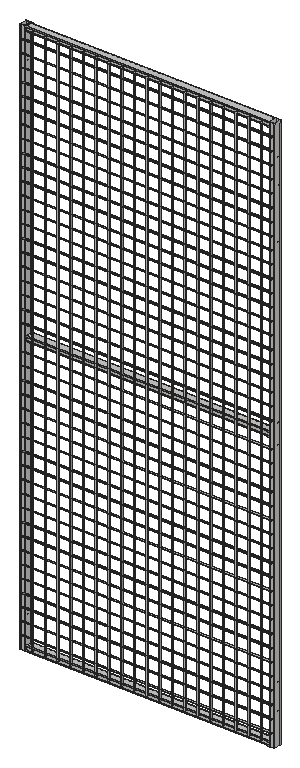
Revit family "Walls_Other_Troax_Separator_UX-550", category Furniture, Revit 2017
Family settings
  OmniClass Number = 23.25.40.00
  OmniClass Title = Space Division Products
  Work Plane-Based = No
  Always vertical = Yes
  Cut with Voids When Loaded = No
  Shared = No
  Room Calculation Point = No
Parameters (values of type "Mesh panel UX550 1000mm")
  WarrantyStartDate [instance] = "n/a"
  WarrantyGuarantorParts = "n/a"
  WarrantyGuarantorLabor = "n/a"
  WarrantyDurationUnit = "Year"
  WarrantyDurationParts = "n/a"
  WarrantyDurationLabor = "n/a"
  WarrantyDescription = "n/a"
  WallType = ux550 1000 : ux550 1000
  WallPanelMainMaterial = Steel, Carbon
  VersionDate = "01/07/2020"  # constant formula
  Version = "1"  # constant formula
  Uniclass2015Reference = "Pr_25_71_57_60"
  Uniclass2015Description = "Partition panels"
  Uniclass2 = "Pr_25_71_57_60"
  URL = "https://www.troax.com/en/elemente/panel-ux550"
  Type Comments = ""
  TagNumber [instance] = "n/a"
  SustainabilityPerformance = "n/a"
  Size = "34x2200x1000 mm"
  Shape = "Sculptured"
  SerialNumber [instance] = "n/a"
  Revision = "2"  # constant formula
  ReplacementCost = "n/a"
  ProductInformation = "UX 550 is the most heavy-duty of our panel systems. Special profiles are used for installation to prevent even the slightest chance of prying the wall sections apart. The system is tested and approved in-line with pre-standard EN1627-30. Troax UX 550 is primarily used as a front wall where extra security is needed. UX 550 is compatible with UR 350 and UX 450 for inner walls. Troax modular mesh panel system makes it possible to create separate storage areas in virtually any common space. The 50x50 mesh aperture also makes it virtually impossible for a hand to reach through the panel."
  ProductDatasheet = "https://www.troax.com/sites/all/files/files/troax_-_ux_550_pp_-_2013-07-03_0.pdf"
  NominalWidth = 1000 mm
  NominalHeight = 2200 mm
  NominalDepth = 34 mm
  Name = "Troax_Separator_UX-550_1000"
  NBSReference = "45-35-80/420"
  NBSDescription = "Panel partitions"
  ModelReference = "n/a"
  ModelNumber = "n/a"
  Material = "Carbon steel"
  ManufacturerURL = "https://www.troax.com/gb"
  ManufacturerName = "Troax"
  Model = "Mesh panel UX550 1000mm"
  Manufacturer = "Troax"
  MainColor = "Grey"
  InstallationDate [instance] = "n/a"
  IfcExportType = "FENCE"  # constant formula
  IfcExportAs = "IfcSystemFurnitureElementTypePanel"  # constant formula
  HasOpening = yes
  Grade = "n/a"
  FurniturePanelType = "Other"  # constant formula
  Finish = "Powder coated as standard with a grey RAL 7037 finish; however other RAL colors are available upon request, panels can also be supplied hot dip galvanized for external use or in cold storage areas."
  Features = "Mesh panels can be modified on-site to fit any space, providing security where required."
  ExpectedLife = "n/a"
  DurationUnit = "Year"
  Description = "UX 550 is the most heavy-duty of our panel systems. Special profiles are used for installation to prevent even the slightest chance of prying the wall sections  apart. The system is tested and approved in-line with  pre-standard EN1627-30. Troax UX 550 is primarily  used as a front wall where extra security is needed. UX  550 is compatible with UR 350 and UX 450 for inner  walls. Troax modular mesh panel system makes it  possible to create separate storage areas in virtually  any common space. The 50x50 mesh aperture also  makes it virtually impossible for a hand to reach through the panel"
  Cost = 0
  ConvergoRefNr = "0054-1811-0029-SE"
  Constituents = "Cut profile: various length to use after cut height on site; End profile UR/UX L=2200 to use after cut panel length on site; U-profile UX 30x20x2200 various length to use after cut on site"
  Color = "Grey"
  CodePerformance = "n/a"
  Barcode [instance] = "n/a"
  AssetIdentifier [instance] = "n/a"
  Category = "Mesh partitions"
  Brand = "Troax"
  BIMObjectName = "Walls_Other_Troax_Separator_UX-550"  # constant formula
  Author = "Convergo AB"  # constant formula
  AssetType = "Fixed"
  AccessibilityPerformance = "n/a"
Types (9, lengths in mm): name | WallType | Size | ProductInformation | ProductDatasheet | NominalWidth | Name | Model | ConvergoRefNr
  (no name) | ux550 1000 : ux550 1000 | "34x2200x1000 mm" | "UX 550 is the most heavy-duty of our panel systems. Special profiles are used for installation to prevent even the slightest chance of prying the wall sections apart. The system is tested and approved in-line with pre-standard EN1627-30. Troax UX 550 is primarily used as a front wall where extra security is needed. UX 550 is compatible with UR 350 and UX 450 for inner walls. Troax modular mesh panel system makes it possible to create separate storage areas in virtually any common space. The 50x50 mesh aperture also makes it virtually impossible for a hand to reach through the panel." | "https://www.troax.com/sites/all/files/files/troax_-_ux_550_pp_-_2013-07-03_0.pdf" | 1000 | "Troax_Separator_UX-550_1000" | "Mesh panel UX550 1000mm" | "0054-1811-0029-SE"
  Mesh panel UX550 200mm | ux550 200 : ux550 200 | "34x2200x200 mm" | "UX 550 is the most heavy-duty of our panel systems. Special profiles are used for installation to prevent even the slightest chance of prying the wall sections  apart. The system is tested and approved in-line with  pre-standard EN1627-30. Troax UX 550 is primarily  used as a front wall where extra security is needed. UX  550 is compatible with UR 350 and UX 450 for inner  walls. Troax modular mesh panel system makes it  possible to create separate storage areas in virtually  any common space. The 50x50 mesh aperture also  makes it virtually impossible for a hand to reach through the panel." | "https://www.troax.com/sites/all/files/files/troax_-_ux_550_pp_-_2013-07-03_0.pdf" | 200 | "Troax_Separator_UX-550_200" | "Mesh panel UX550 200mm" | "0054-1811-0024-SE"
  Mesh panel UX550 300mm | ux550 300 : ux550 300 | "34x2200x300 mm" | "UX 550 is the most heavy-duty of our panel systems. Special profiles are used for installation to prevent even the slightest chance of prying the wall sections apart. The system is tested and approved in-line with pre-standard EN1627-30. Troax UX 550 is primarily used as a front wall where extra security is needed. UX 550 is compatible with UR 350 and UX 450 for inner walls. Troax modular mesh panel system makes it possible to create separate storage areas in virtually any common space. The 50x50 mesh aperture also makes it virtually impossible for a hand to reach through the panel." | "https://www.troax.com/sites/all/files/files/troax_-_ux_550_pp_-_2013-07-03_0.pdfhttps://www.troax.com/sites/all/files/files/troax_-_ux_550_pp_-_2013-07-03_0.pdf" | 300 | "Troax_Separator_UX-550_300" | "Mesh panel UX550 300mm" | "0054-1811-0025-SE"
  Mesh panel UX550 700mm | ux550 700 : ux550 700 | "34x2200x700 mm" | "UX 550 is the most heavy-duty of our panel systems. Special profiles are used for installation to prevent even the slightest chance of prying the wall sections apart. The system is tested and approved in-line with pre-standard EN1627-30. Troax UX 550 is primarily used as a front wall where extra security is needed. UX 550 is compatible with UR 350 and UX 450 for inner walls. Troax modular mesh panel system makes it possible to create separate storage areas in virtually any common space. The 50x50 mesh aperture also makes it virtually impossible for a hand to reach through the panel." | "https://www.troax.com/sites/all/files/files/troax_-_ux_550_pp_-_2013-07-03_0.pdf" | 700 | "Troax_Separator_UX-550_700" | "Mesh panel UX550 700mm" | "0054-1811-0027-SE"
  Mesh panel UX550 500mm | ux550 500 : ux550 500 | "35x2200x500 mm" | "UX 550 is the most heavy-duty of our panel systems. Special profiles are used for installation to prevent even the slightest chance of prying the wall sections apart. The system is tested and approved in-line with pre-standard EN1627-30. Troax UX 550 is primarily used as a front wall where extra security is needed. UX 550 is compatible with UR 350 and UX 450 for inner walls. Troax modular mesh panel system makes it possible to create separate storage areas in virtually any common space. The 50x50 mesh aperture also makes it virtually impossible for a hand to reach through the panel." | "https://www.troax.com/sites/all/files/files/troax_-_ux_550_pp_-_2013-07-03_0.pdf" | 500 | "Troax_Separator_UX-550_500" | "Mesh panel UX550 500mm" | "0054-1811-0026-SE"
  Mesh panel UX550 1000mm | ux550 1000 : ux550 1000 | "34x2200x1000 mm" | "UX 550 is the most heavy-duty of our panel systems. Special profiles are used for installation to prevent even the slightest chance of prying the wall sections apart. The system is tested and approved in-line with pre-standard EN1627-30. Troax UX 550 is primarily used as a front wall where extra security is needed. UX 550 is compatible with UR 350 and UX 450 for inner walls. Troax modular mesh panel system makes it possible to create separate storage areas in virtually any common space. The 50x50 mesh aperture also makes it virtually impossible for a hand to reach through the panel." | "https://www.troax.com/sites/all/files/files/troax_-_ux_550_pp_-_2013-07-03_0.pdf" | 1000 | "Troax_Separator_UX-550_1000" | "Mesh panel UX550 1000mm" | "0054-1811-0029-SE"
  Mesh panel UX550 1200mm | ux550 1200 : ux550 1200 | "34x2200x1200 mm" | "UX 550 is the most heavy-duty of our panel systems. Special profiles are used for installation to prevent even the slightest chance of prying the wall sections apart. The system is tested and approved in-line with pre-standard EN1627-30. Troax UX 550 is primarily used as a front wall where extra security is needed. UX 550 is compatible with UR 350 and UX 450 for inner walls. Troax modular mesh panel system makes it possible to create separate storage areas in virtually any common space. The 50x50 mesh aperture also makes it virtually impossible for a hand to reach through the panel." | "https://www.troax.com/sites/all/files/files/troax_-_ux_550_pp_-_2013-07-03_0.pdf" | 1200 | "Troax_Separator_UX-550_1200" | "Mesh panel UX550 1200mm" | "0054-1811-0030-SE"
  Mesh panel UX550 1500mm | ux550 1500 : ux550 1500 | "34x2200x1500 mm" | "UX 550 is the most heavy-duty of our panel systems. Special profiles are used for installation to prevent even the slightest chance of prying the wall sections apart. The system is tested and approved in-line with pre-standard EN1627-30. Troax UX 550 is primarily used as a front wall where extra security is needed. UX 550 is compatible with UR 350 and UX 450 for inner walls. Troax modular mesh panel system makes it possible to create separate storage areas in virtually any common space. The 50x50 mesh aperture also makes it virtually impossible for a hand to reach through the panel." | "https://www.troax.com/sites/all/files/files/troax_-_ux_550_pp_-_2013-07-03_0.pdfhttps://www.troax.com/sites/all/files/files/troax_-_ux_550_pp_-_2013-07-03_0.pdf" | 1500 | "Troax_Separator_UX-550_1500" | "Mesh panel UX550 1500mm" | "0054-1811-0031-SE"
  Mesh panel UX550 800mm | ux550 800 : ux550 800 | "34x2200x800 mm" | "UX 550 is the most heavy-duty of our panel systems. Special profiles are used for installation to prevent even the slightest chance of prying the wall sections apart. The system is tested and approved in-line with pre-standard EN1627-30. Troax UX 550 is primarily used as a front wall where extra security is needed. UX 550 is compatible with UR 350 and UX 450 for inner walls. Troax modular mesh panel system makes it possible to create separate storage areas in virtually any common space. The 50x50 mesh aperture also makes it virtually impossible for a hand to reach through the panel." | "https://www.troax.com/sites/all/files/files/troax_-_ux_550_pp_-_2013-07-03_0.pdfhttps://www.troax.com/sites/all/files/files/troax_-_ux_550_pp_-_2013-07-03_0.pdf" | 800 | "Troax_Separator_UX-550_800" | "Mesh panel UX550 800mm" | "0054-1811-0028-SE"
Reference planes
  plane 1 "Center (Front/Back)": y = 0
  plane 2: z = 0
  plane 3 "Center (Left/Right)": x = 0
  plane 4: x = -500
  plane 5: x = 500
  plane 6: z = 2200
  plane 7: y = 17
  plane 8: y = -17
Dimensions and locks
  equal spacing: plane 4, plane 3 "Center (Left/Right)", plane 5
  "NominalWidth": plane 4 to plane 5
  "NominalHeight": plane 6 to level
  equal spacing: plane 7, plane 1 "Center (Front/Back)", plane 8
  "NominalDepth": plane 7 to plane 8
  aligned and locked: level to plane 2
Nested families
  nested 1: "ux550 1000" at (0, 0, 0), type <- "WallType", MeshMaterial <- "WallPanelMainMaterial", type "ux550 1000"
    with MeshMaterial Steel, Carbon
Definition of nested family "ux550 1000"
  Parameters (values of type "ux550 1000")
    MeshMaterial [instance] = none
  Reference planes
    plane 1 "Center (Front/Back)": y = 0
    plane 2: z = 0
    plane 3 "Center (Left/Right)": x = 0
    plane 4: x = 500
    plane 5: x = -500
    plane 6: y = 17
    plane 7: y = -17
    plane 8: z = 2200
  Forms (mm)
    Extrusion 1, solid, material <- "MeshMaterial", detail levels medium+fine
      sketch origin (0, 6.95, 0) x (1, 0, 0) y (0, 1, 0)
        loop
          circle (-50, -21.45) r 2.5
        loop
          circle (0, -21.45) r 2.5
        loop
          circle (50, -21.45) r 2.5
        loop
          circle (-100, -21.45) r 2.5
        loop
          circle (100, -21.45) r 2.5
        loop
          circle (-150, -21.45) r 2.5
        loop
          circle (-200, -21.45) r 2.5
        loop
          circle (150, -21.45) r 2.5
        loop
          circle (200, -21.45) r 2.5
        loop
          circle (-250, -21.45) r 2.5
        loop
          circle (-300, -21.45) r 2.5
        loop
          circle (250, -21.45) r 2.5
        loop
          circle (300, -21.45) r 2.5
        loop
          circle (-350, -21.45) r 2.5
        loop
          circle (350, -21.45) r 2.5
        loop
          circle (-400, -21.45) r 2.5
        loop
          circle (-450, -21.45) r 2.5
        loop
          circle (400, -21.45) r 2.5
        loop
          circle (450, -21.45) r 2.5
      from 10 to 2190
    Extrusion 2, solid, material <- "MeshMaterial", detail levels medium+fine
      sketch origin (0, 7, 0) x (0, 1, 0) y (0, 0, 1)
        loop
          arc (-21, 2150) -> (-16.919, 2148.064) -> (-18, 2152.449) r 2.5
          arc (-18, 2152.449) -> (-20.081, 2151.936) -> (-21, 2150) r 2.5
        loop
          arc (-21, 2100) -> (-16.919, 2098.063) -> (-18, 2102.449) r 2.5
          arc (-18, 2102.449) -> (-20.081, 2101.936) -> (-21, 2100) r 2.5
        loop
          arc (-21, 2050) -> (-16.919, 2048.063) -> (-18, 2052.449) r 2.5
          arc (-18, 2052.449) -> (-20.081, 2051.936) -> (-21, 2050) r 2.5
        loop
          arc (-21, 2000) -> (-16.919, 1998.063) -> (-18, 2002.449) r 2.5
          arc (-18, 2002.449) -> (-20.081, 2001.936) -> (-21, 2000) r 2.5
        loop
          arc (-21, 1950) -> (-16.919, 1948.063) -> (-18, 1952.449) r 2.5
          arc (-18, 1952.449) -> (-20.081, 1951.936) -> (-21, 1950) r 2.5
        loop
          arc (-21, 1900) -> (-16.919, 1898.063) -> (-18, 1902.449) r 2.5
          arc (-18, 1902.449) -> (-20.081, 1901.936) -> (-21, 1900) r 2.5
        loop
          arc (-21, 1850) -> (-16.919, 1848.063) -> (-18, 1852.449) r 2.5
          arc (-18, 1852.449) -> (-20.081, 1851.936) -> (-21, 1850) r 2.5
        loop
          arc (-21, 1800) -> (-16.919, 1798.063) -> (-18, 1802.449) r 2.5
          arc (-18, 1802.449) -> (-20.081, 1801.936) -> (-21, 1800) r 2.5
        loop
          arc (-21, 1750) -> (-16.919, 1748.063) -> (-18, 1752.449) r 2.5
          arc (-18, 1752.449) -> (-20.081, 1751.936) -> (-21, 1750) r 2.5
        loop
          arc (-21, 1700) -> (-16.919, 1698.063) -> (-18, 1702.449) r 2.5
          arc (-18, 1702.449) -> (-20.081, 1701.936) -> (-21, 1700) r 2.5
        loop
          arc (-21, 1650) -> (-16.919, 1648.063) -> (-18, 1652.449) r 2.5
          arc (-18, 1652.449) -> (-20.081, 1651.936) -> (-21, 1650) r 2.5
        loop
          arc (-21, 1600) -> (-16.919, 1598.063) -> (-18, 1602.449) r 2.5
          arc (-18, 1602.449) -> (-20.081, 1601.936) -> (-21, 1600) r 2.5
        loop
          arc (-21, 1550) -> (-16.919, 1548.063) -> (-18, 1552.449) r 2.5
          arc (-18, 1552.449) -> (-20.081, 1551.936) -> (-21, 1550) r 2.5
        loop
          arc (-21, 1500) -> (-16.919, 1498.063) -> (-18, 1502.449) r 2.5
          arc (-18, 1502.449) -> (-20.081, 1501.936) -> (-21, 1500) r 2.5
        loop
          arc (-21, 1450) -> (-16.919, 1448.063) -> (-18, 1452.449) r 2.5
          arc (-18, 1452.449) -> (-20.081, 1451.936) -> (-21, 1450) r 2.5
        loop
          arc (-21, 1400) -> (-16.919, 1398.063) -> (-18, 1402.449) r 2.5
          arc (-18, 1402.449) -> (-20.081, 1401.936) -> (-21, 1400) r 2.5
        loop
          arc (-21, 1350) -> (-16.919, 1348.063) -> (-18, 1352.449) r 2.5
          arc (-18, 1352.449) -> (-20.081, 1351.936) -> (-21, 1350) r 2.5
        loop
          arc (-21, 1300) -> (-16.919, 1298.063) -> (-18, 1302.449) r 2.5
          arc (-18, 1302.449) -> (-20.081, 1301.936) -> (-21, 1300) r 2.5
        loop
          arc (-21, 1250) -> (-16.919, 1248.063) -> (-18, 1252.449) r 2.5
          arc (-18, 1252.449) -> (-20.081, 1251.936) -> (-21, 1250) r 2.5
        loop
          arc (-21, 1200) -> (-16.919, 1198.063) -> (-18, 1202.449) r 2.5
          arc (-18, 1202.449) -> (-20.081, 1201.936) -> (-21, 1200) r 2.5
        loop
          arc (-21, 1150) -> (-16.919, 1148.063) -> (-18, 1152.449) r 2.5
          arc (-18, 1152.449) -> (-20.081, 1151.936) -> (-21, 1150) r 2.5
        loop
          arc (-21, 1050) -> (-16.919, 1048.063) -> (-18, 1052.449) r 2.5
          arc (-18, 1052.449) -> (-20.081, 1051.936) -> (-21, 1050) r 2.5
        loop
          arc (-21, 1000) -> (-16.919, 998.063) -> (-18, 1002.449) r 2.5
          arc (-18, 1002.449) -> (-20.081, 1001.936) -> (-21, 1000) r 2.5
        loop
          arc (-21, 950) -> (-16.919, 948.063) -> (-18, 952.449) r 2.5
          arc (-18, 952.449) -> (-20.081, 951.936) -> (-21, 950) r 2.5
        loop
          arc (-21, 900) -> (-16.919, 898.063) -> (-18, 902.449) r 2.5
          arc (-18, 902.449) -> (-20.081, 901.936) -> (-21, 900) r 2.5
        loop
          arc (-21, 850) -> (-16.919, 848.063) -> (-18, 852.449) r 2.5
          arc (-18, 852.449) -> (-20.081, 851.936) -> (-21, 850) r 2.5
        loop
          arc (-21, 800) -> (-16.919, 798.063) -> (-18, 802.449) r 2.5
          arc (-18, 802.449) -> (-20.081, 801.936) -> (-21, 800) r 2.5
        loop
          arc (-21, 750) -> (-16.919, 748.063) -> (-18, 752.449) r 2.5
          arc (-18, 752.449) -> (-20.081, 751.936) -> (-21, 750) r 2.5
        loop
          arc (-21, 700) -> (-16.919, 698.063) -> (-18, 702.449) r 2.5
          arc (-18, 702.449) -> (-20.081, 701.936) -> (-21, 700) r 2.5
        loop
          arc (-21, 650) -> (-16.919, 648.063) -> (-18, 652.449) r 2.5
          arc (-18, 652.449) -> (-20.081, 651.936) -> (-21, 650) r 2.5
        loop
          arc (-21, 600) -> (-16.919, 598.063) -> (-18, 602.449) r 2.5
          arc (-18, 602.449) -> (-20.081, 601.936) -> (-21, 600) r 2.5
        loop
          arc (-21, 550) -> (-16.919, 548.063) -> (-18, 552.449) r 2.5
          arc (-18, 552.449) -> (-20.081, 551.936) -> (-21, 550) r 2.5
        loop
          arc (-21, 500) -> (-16.919, 498.063) -> (-18, 502.449) r 2.5
          arc (-18, 502.449) -> (-20.081, 501.936) -> (-21, 500) r 2.5
        loop
          arc (-21, 450) -> (-16.919, 448.063) -> (-18, 452.449) r 2.5
          arc (-18, 452.449) -> (-20.081, 451.936) -> (-21, 450) r 2.5
        loop
          arc (-21, 400) -> (-16.919, 398.063) -> (-18, 402.449) r 2.5
          arc (-18, 402.449) -> (-20.081, 401.936) -> (-21, 400) r 2.5
        loop
          arc (-21, 350) -> (-16.919, 348.063) -> (-18, 352.449) r 2.5
          arc (-18, 352.449) -> (-20.081, 351.936) -> (-21, 350) r 2.5
        loop
          arc (-21, 300) -> (-16.919, 298.063) -> (-18, 302.449) r 2.5
          arc (-18, 302.449) -> (-20.081, 301.936) -> (-21, 300) r 2.5
        loop
          arc (-21, 250) -> (-16.919, 248.063) -> (-18, 252.449) r 2.5
          arc (-18, 252.449) -> (-20.081, 251.936) -> (-21, 250) r 2.5
        loop
          arc (-21, 200) -> (-16.919, 198.063) -> (-18, 202.449) r 2.5
          arc (-18, 202.449) -> (-20.081, 201.936) -> (-21, 200) r 2.5
        loop
          arc (-21, 150) -> (-16.919, 148.063) -> (-18, 152.449) r 2.5
          arc (-18, 152.449) -> (-20.081, 151.936) -> (-21, 150) r 2.5
        loop
          arc (-21, 100) -> (-16.919, 98.063) -> (-18, 102.449) r 2.5
          arc (-18, 102.449) -> (-20.081, 101.936) -> (-21, 100) r 2.5
        loop
          arc (-21, 50) -> (-16.919, 48.063) -> (-18, 52.449) r 2.5
          arc (-18, 52.449) -> (-20.081, 51.936) -> (-21, 50) r 2.5
      from -490 to 490
    Extrusion 3, solid, material <- "MeshMaterial", detail levels medium+fine
      sketch origin (-400, 6.25, 0) x (1, 0, 0) y (0, 1, 0)
        loop
          line (-100, 9.25) -> (-100, -17.75)
          arc (-100, -17.75) -> (-99.561, -18.811) -> (-98.5, -19.25) r 1.5
          line (-98.5, -19.25) -> (-81.5, -19.25)
          arc (-81.5, -19.25) -> (-80.439, -18.811) -> (-80, -17.75) r 1.5
          line (-80, -17.75) -> (-80, 9.25)
          arc (-80, 9.25) -> (-80.439, 10.311) -> (-81.5, 10.75) r 1.5
          line (-81.5, 10.75) -> (-98.5, 10.75)
          arc (-98.5, 10.75) -> (-99.561, 10.311) -> (-100, 9.25) r 1.5
        loop
          line (-81.5, 9.25) -> (-98.5, 9.25) -> (-98.5, -17.75) -> (-81.5, -17.75) -> (-81.5, 9.25)
      from 0 to 2200
    Extrusion 4, solid, material <- "MeshMaterial", detail levels medium+fine
      sketch origin (0, 6.25, 0) x (0, 1, 0) y (0, 0, 1)
        loop
          line (9.45, 2200) -> (-18.037, 2200)
          arc (-18.037, 2200) -> (-19.25, 2198.25) -> (-18.037, 2196.5) r 1.869
          line (-18.037, 2196.5) -> (-18.037, 2184.5)
          arc (-18.037, 2184.5) -> (-19.238, 2182.75) -> (-18.037, 2181) r 1.875
          line (-18.037, 2181) -> (9.45, 2181)
          arc (9.45, 2181) -> (10.369, 2181.381) -> (10.75, 2182.3) r 1.3
          line (10.75, 2182.3) -> (10.75, 2198.7)
          arc (10.75, 2198.7) -> (10.369, 2199.619) -> (9.45, 2200) r 1.3
        loop
          line (8.75, 2183) -> (8.75, 2198) -> (-16.037, 2198) -> (-16.037, 2183) -> (8.75, 2183)
      from -480 to 480
    Extrusion 5, solid, material <- "MeshMaterial", detail levels medium+fine
      sketch origin (0, 6.25, -2181) x (0, 1, 0) y (0, 0, 1)
        loop
          line (9.45, 2200) -> (-18.05, 2200)
          arc (-18.05, 2200) -> (-19.263, 2198.25) -> (-18.05, 2196.5) r 1.869
          line (-18.05, 2196.5) -> (-18.05, 2184.5)
          arc (-18.05, 2184.5) -> (-19.251, 2182.75) -> (-18.05, 2181) r 1.875
          line (-18.05, 2181) -> (9.45, 2181)
          arc (9.45, 2181) -> (10.369, 2181.381) -> (10.75, 2182.3) r 1.3
          line (10.75, 2182.3) -> (10.75, 2198.7)
          arc (10.75, 2198.7) -> (10.369, 2199.619) -> (9.45, 2200) r 1.3
        loop
          line (8.75, 2183) -> (8.75, 2198) -> (-16.05, 2198) -> (-16.05, 2183) -> (8.75, 2183)
      from -480 to 480
    Extrusion 6, void
      sketch origin (0, 6.25, 0) x (0, 1, 0) y (0, 0, 1)
        loop
          circle (-4.25, 2075) r 5
        loop
          circle (-4.25, 1975) r 5
        loop
          circle (-4.25, 1140) r 5
        loop
          circle (-4.25, 1060) r 5
        loop
          circle (-4.25, 225) r 5
        loop
          circle (-4.25, 125) r 5
        loop
          circle (-4.25, 1775) r 5
      from -2443.968 to 2106.031
    Extrusion 7, solid, material <- "MeshMaterial", detail levels coarse
      sketch origin (0, 0, 0) x (1, 0, 0) y (0, 1, 0)
        loop
          line (-500, -17) -> (500, -17) -> (500, 17) -> (-500, 17) -> (-500, -17)
      from 0 to 2200
    Extrusion 8, solid, material <- "MeshMaterial", detail levels medium+fine
      sketch origin (0, 6.25, -1090.5) x (0, 1, 0) y (0, 0, 1)
        loop
          line (9.45, 2200) -> (-18.05, 2200)
          arc (-18.05, 2200) -> (-19.263, 2198.25) -> (-18.05, 2196.5) r 1.869
          line (-18.05, 2196.5) -> (-18.05, 2184.5)
          arc (-18.05, 2184.5) -> (-19.251, 2182.75) -> (-18.05, 2181) r 1.875
          line (-18.05, 2181) -> (9.45, 2181)
          arc (9.45, 2181) -> (10.369, 2181.381) -> (10.75, 2182.3) r 1.3
          line (10.75, 2182.3) -> (10.75, 2198.7)
          arc (10.75, 2198.7) -> (10.369, 2199.619) -> (9.45, 2200) r 1.3
        loop
          line (8.75, 2183) -> (8.75, 2198) -> (-16.05, 2198) -> (-16.05, 2183) -> (8.75, 2183)
      from -480 to 480
    Extrusion 9, solid, material <- "MeshMaterial", detail levels medium+fine
      sketch origin (400, 6.25, 0) x (-1, 0, 0) y (0, -1, 0)
        loop
          arc (-100, -9.25) -> (-99.561, -10.311) -> (-98.5, -10.75) r 1.5
          line (-98.5, -10.75) -> (-81.5, -10.75)
          arc (-81.5, -10.75) -> (-80.439, -10.311) -> (-80, -9.25) r 1.5
          line (-80, -9.25) -> (-80, 17.75)
          arc (-80, 17.75) -> (-80.439, 18.811) -> (-81.5, 19.25) r 1.5
          line (-81.5, 19.25) -> (-98.5, 19.25)
          arc (-98.5, 19.25) -> (-99.561, 18.811) -> (-100, 17.75) r 1.5
          line (-100, 17.75) -> (-100, -9.25)
        loop
          line (-81.5, -9.25) -> (-81.5, 17.75) -> (-98.5, 17.75) -> (-98.5, -9.25) -> (-81.5, -9.25)
      from 0 to 2200
  Cuts and joins
    Extrusion 6 cuts Extrusion 3
    Extrusion 6 cuts Extrusion 9
  Lines and regions (mm)
    symbolic lines, detail levels medium+fine
      curve 1: line (0, 17, 2200) -> (0, 17, 0)
      curve 2: line (0, 17, 0) -> (0, -12.999, 0)
      curve 3: line (0, -12.999, 0) -> (0, -12.999, 10)
      curve 4: line (0, -12.999, 10) -> (0, -17, 10)
      curve 5: line (0, -17, 10) -> (0, -17, 2190)
      curve 6: line (0, -17, 2190) -> (0, -12.999, 2190)
      curve 7: line (0, -12.999, 2190) -> (0, -12.999, 2200)
      curve 8: line (0, -12.999, 2200) -> (0, 17, 2200)
      curve 137: line (-480, 17, 0) -> (480, 17, 0)
      curve 152: line (-500, 0, 2200) -> (500, 0, 2200)
      curve 153: line (-500, 0, 0) -> (-500, 0, 2200)
      curve 154: line (500, 0, 0) -> (-500, 0, 0)
      curve 155: line (500, 0, 2200) -> (500, 0, 0)
    symbolic lines, detail levels fine
      curve 9: line (0, -12.999, 2190) -> (0, -12.999, 10)
      curve 10: arc (0, 7, 2075) -> (0, 2, 2080) -> (0, -3, 2075) r 5
      curve 11: arc (0, -3, 2075) -> (0, 2, 2070) -> (0, 7, 2075) r 5
      curve 12: arc (0, 7, 1975) -> (0, 2, 1980) -> (0, -3, 1975) r 5
      curve 13: arc (0, -3, 1975) -> (0, 2, 1970) -> (0, 7, 1975) r 5
      curve 14: arc (0, 7, 1140) -> (0, 2, 1145) -> (0, -3, 1140) r 5
      curve 15: arc (0, -3, 1140) -> (0, 2, 1135) -> (0, 7, 1140) r 5
      curve 16: arc (0, -3, 1060) -> (0, 2, 1055) -> (0, 7, 1060) r 5
      curve 17: arc (0, 7, 1060) -> (0, 2, 1065) -> (0, -3, 1060) r 5
      curve 18: arc (0, 7, 225) -> (0, 2, 230) -> (0, -3, 225) r 5
      curve 19: arc (0, -3, 225) -> (0, 2, 220) -> (0, 7, 225) r 5
      curve 20: arc (0, 7, 125) -> (0, 2, 130) -> (0, -3, 125) r 5
      curve 21: arc (0, -3, 125) -> (0, 2, 120) -> (0, 7, 125) r 5
      curve 22: line (-500, 15.5, 0) -> (-500, -11.5, 0)
      curve 23: arc (-498.5, 17, 0) -> (-499.561, 16.561, 0) -> (-500, 15.5, 0) r 1.5
      curve 24: line (-481.5, 17, 0) -> (-498.5, 17, 0)
      curve 25: line (-480, 15.7, 0) -> (-480, 17, 0)
      curve 26: arc (-500, -11.5, 0) -> (-499.561, -12.561, 0) -> (-498.5, -13, 0) r 1.5
      curve 27: line (-498.5, -13, 0) -> (-490, -13, 0)
      curve 28: line (-480, 17, 0) -> (81, 17, 0)
      curve 29: line (-498.5, -11.5, 0) -> (-498.5, 15.5, 0)
      curve 30: line (-498.5, 15.5, 0) -> (-481.5, 15.5, 0)
      curve 31: line (-481.5, 15.5, 0) -> (-481.5, -11.5, 0)
      curve 32: line (-481.5, -11.5, 0) -> (-498.5, -11.5, 0)
      curve 33: line (-490, -13, 0) -> (-481.503, -13, 0)
      curve 34: line (-480, -11.497, 0) -> (-480, 15.7, 0)
      curve 35: line (-490, -13, 0) -> (-490, -14.008, 0)
      curve 36: line (-490, -11.5, 0) -> (-490, -8.969, 0)
      curve 37: line (-480, -13, 0) -> (480, -13, 0)
      curve 38: line (-480, -11.497, 0) -> (-480, -13, 0)
      curve 42: arc (-481.503, -13, 0) -> (-480.44, -12.56, 0) -> (-480, -11.497, 0) r 1.503
      curve 43: arc (-480, 15.7, 0) -> (-480.504, 16.634, 0) -> (-481.5, 17, 0) r 1.5
      curve 44: arc (-52, -13, 0) -> (-50, -17, 0) -> (-48, -13, 0) r 2.5
      curve 45: arc (-2, -13, 0) -> (0, -17, 0) -> (2, -13, 0) r 2.5
      curve 46: line (-47.546, -14.02, 0) -> (-2.454, -14.02, 0)
      curve 47: line (2.454, -14.02, 0) -> (47.546, -14.02, 0)
      curve 48: line (-490, -8.969, 0) -> (-481.5, -8.969, 0)
      curve 49: arc (0, -12.999, 52.001) -> (0, -14, 50) -> (0, -12.999, 47.999) r 2.5
      curve 50: arc (0, -12.999, 102.001) -> (0, -14, 100) -> (0, -12.999, 97.999) r 2.5
      curve 51: arc (0, -12.999, 152.001) -> (0, -14, 150) -> (0, -12.999, 147.999) r 2.5
      curve 52: arc (0, -12.999, 202.001) -> (0, -14, 200) -> (0, -12.999, 197.999) r 2.5
      curve 53: arc (0, -12.999, 252.001) -> (0, -14, 250) -> (0, -12.999, 247.999) r 2.5
      curve 54: arc (0, -12.999, 302.001) -> (0, -14, 300) -> (0, -12.999, 297.999) r 2.5
      curve 55: arc (0, -12.999, 352.001) -> (0, -14, 350) -> (0, -12.999, 347.999) r 2.5
      curve 56: arc (0, -12.999, 402.001) -> (0, -14, 400) -> (0, -12.999, 397.999) r 2.5
      curve 57: arc (0, -12.999, 452.001) -> (0, -14, 450) -> (0, -12.999, 447.999) r 2.5
      curve 58: arc (0, -12.999, 502.001) -> (0, -14, 500) -> (0, -12.999, 497.999) r 2.5
      curve 59: arc (0, -12.999, 552.001) -> (0, -14, 550) -> (0, -12.999, 547.999) r 2.5
      curve 60: arc (0, -12.999, 602.001) -> (0, -14, 600) -> (0, -12.999, 597.999) r 2.5
      curve 61: arc (0, -12.999, 652.001) -> (0, -14, 650) -> (0, -12.999, 647.999) r 2.5
      curve 62: arc (0, -12.999, 702.001) -> (0, -14, 700) -> (0, -12.999, 697.999) r 2.5
      curve 63: arc (0, -12.999, 752.001) -> (0, -14, 750) -> (0, -12.999, 747.999) r 2.5
      curve 64: arc (0, -12.999, 802.001) -> (0, -14, 800) -> (0, -12.999, 797.999) r 2.5
      curve 65: arc (0, -12.999, 852.001) -> (0, -14, 850) -> (0, -12.999, 847.999) r 2.5
      curve 66: arc (0, -12.999, 902.001) -> (0, -14, 900) -> (0, -12.999, 897.999) r 2.5
      curve 67: arc (0, -12.999, 952.001) -> (0, -14, 950) -> (0, -12.999, 947.999) r 2.5
      curve 68: arc (0, -12.999, 1002.001) -> (0, -14, 1000) -> (0, -12.999, 997.999) r 2.5
      curve 69: arc (0, -12.999, 1052.001) -> (0, -14, 1050) -> (0, -12.999, 1047.999) r 2.5
      curve 70: arc (0, -12.999, 1152.001) -> (0, -14, 1150) -> (0, -12.999, 1147.999) r 2.5
      curve 71: arc (0, -12.999, 1202.001) -> (0, -14, 1200) -> (0, -12.999, 1197.999) r 2.5
      curve 72: arc (0, -12.999, 1252.001) -> (0, -14, 1250) -> (0, -12.999, 1247.999) r 2.5
      curve 73: arc (0, -12.999, 1302.001) -> (0, -14, 1300) -> (0, -12.999, 1297.999) r 2.5
      curve 74: arc (0, -12.999, 1352.001) -> (0, -14, 1350) -> (0, -12.999, 1347.999) r 2.5
      curve 75: arc (0, -12.999, 1402.001) -> (0, -14, 1400) -> (0, -12.999, 1397.999) r 2.5
      curve 76: arc (0, -12.999, 1452.001) -> (0, -14, 1450) -> (0, -12.999, 1447.999) r 2.5
      curve 77: arc (0, -12.999, 1502.001) -> (0, -14, 1500) -> (0, -12.999, 1497.999) r 2.5
      curve 78: arc (0, -12.999, 1552.001) -> (0, -14, 1550) -> (0, -12.999, 1547.999) r 2.5
      curve 79: arc (0, -12.999, 1602.001) -> (0, -14, 1600) -> (0, -12.999, 1597.999) r 2.5
      curve 80: arc (0, -12.999, 1652.001) -> (0, -14, 1650) -> (0, -12.999, 1647.999) r 2.5
      curve 81: arc (0, -12.999, 1702.001) -> (0, -14, 1700) -> (0, -12.999, 1697.999) r 2.5
      curve 82: arc (0, -12.999, 1752.001) -> (0, -14, 1750) -> (0, -12.999, 1747.999) r 2.5
      curve 83: arc (0, -12.999, 1802.001) -> (0, -14, 1800) -> (0, -12.999, 1797.999) r 2.5
      curve 84: arc (0, -12.999, 1852.001) -> (0, -14, 1850) -> (0, -12.999, 1847.999) r 2.5
      curve 85: arc (0, -12.999, 1902.001) -> (0, -14, 1900) -> (0, -12.999, 1897.999) r 2.5
      curve 86: arc (0, -12.999, 1952.001) -> (0, -14, 1950) -> (0, -12.999, 1947.999) r 2.5
      curve 87: arc (0, -12.999, 2002.001) -> (0, -14, 2000) -> (0, -12.999, 1997.999) r 2.5
      curve 88: arc (0, -12.999, 2052.001) -> (0, -14, 2050) -> (0, -12.999, 2047.999) r 2.5
      curve 89: arc (0, -12.999, 2102.001) -> (0, -14, 2100) -> (0, -12.999, 2097.999) r 2.5
      curve 90: arc (0, -12.999, 2152.001) -> (0, -14, 2150) -> (0, -12.999, 2147.999) r 2.5
      curve 91: arc (-102, -13, 0) -> (-100, -17, 0) -> (-98, -13, 0) r 2.5
      curve 92: line (-97.546, -14.02, 0) -> (-52.454, -14.02, 0)
      curve 93: line (-97.549, -14.008, 0) -> (-52.451, -14.008, 0)
      curve 94: arc (-152, -13, 0) -> (-150, -17, 0) -> (-148, -13, 0) r 2.5
      curve 95: line (-147.546, -14.02, 0) -> (-102.454, -14.02, 0)
      curve 96: arc (-202, -13, 0) -> (-200, -17, 0) -> (-198, -13, 0) r 2.5
      curve 97: line (-197.546, -14.02, 0) -> (-152.454, -14.02, 0)
      curve 98: line (-197.549, -14.008, 0) -> (-152.451, -14.008, 0)
      curve 99: arc (-252, -13, 0) -> (-250, -17, 0) -> (-248, -13, 0) r 2.5
      curve 100: line (-247.546, -14.02, 0) -> (-202.454, -14.02, 0)
      curve 101: arc (-302, -13, 0) -> (-300, -17, 0) -> (-298, -13, 0) r 2.5
      curve 102: line (-297.546, -14.02, 0) -> (-252.454, -14.02, 0)
      curve 103: line (-297.549, -14.008, 0) -> (-252.451, -14.008, 0)
      curve 104: line (-490, -14.008, 0) -> (-452.451, -14.008, 0)
      curve 105: line (500, 15.5, 0) -> (500, -11.5, 0)
      curve 106: arc (498.5, 17, 0) -> (499.561, 16.561, 0) -> (500, 15.5, 0) r 1.5
      curve 107: line (481.5, 17, 0) -> (498.5, 17, 0)
      curve 108: line (480, 15.7, 0) -> (480, 17, 0)
      curve 109: arc (500, -11.5, 0) -> (499.561, -12.561, 0) -> (498.5, -13, 0) r 1.5
      curve 110: line (498.5, -13, 0) -> (490, -13, 0)
      curve 111: line (498.5, -11.5, 0) -> (498.5, 15.5, 0)
      curve 112: line (498.5, 15.5, 0) -> (481.5, 15.5, 0)
      curve 113: line (481.5, 15.5, 0) -> (481.5, -11.5, 0)
      curve 114: line (481.5, -11.5, 0) -> (498.5, -11.5, 0)
      curve 115: line (490, -13, 0) -> (481.503, -13, 0)
      curve 116: line (480, -11.497, 0) -> (480, 15.7, 0)
      curve 117: line (490, -13, 0) -> (490, -14.008, 0)
      curve 118: line (490, -11.5, 0) -> (490, -8.969, 0)
      curve 119: line (480, -11.497, 0) -> (480, -13, 0)
      curve 121: arc (481.503, -13, 0) -> (480.44, -12.56, 0) -> (480, -11.497, 0) r 1.503
      curve 122: arc (480, 15.7, 0) -> (480.504, 16.634, 0) -> (481.5, 17, 0) r 1.5
      curve 123: arc (52, -13, 0) -> (50, -17, 0) -> (48, -13, 0) r 2.5
      curve 124: line (490, -8.969, 0) -> (481.5, -8.969, 0)
      curve 125: arc (102, -13, 0) -> (100, -17, 0) -> (98, -13, 0) r 2.5
      curve 126: line (97.546, -14.02, 0) -> (52.454, -14.02, 0)
      curve 127: arc (152, -13, 0) -> (150, -17, 0) -> (148, -13, 0) r 2.5
      curve 128: line (147.546, -14.02, 0) -> (102.454, -14.02, 0)
      curve 129: arc (202, -13, 0) -> (200, -17, 0) -> (198, -13, 0) r 2.5
      curve 130: line (197.546, -14.02, 0) -> (152.454, -14.02, 0)
      curve 131: line (197.549, -14.008, 0) -> (152.451, -14.008, 0)
      curve 132: arc (252, -13, 0) -> (250, -17, 0) -> (248, -13, 0) r 2.5
      curve 133: line (247.546, -14.02, 0) -> (202.454, -14.02, 0)
      curve 134: arc (302, -13, 0) -> (300, -17, 0) -> (298, -13, 0) r 2.5
      curve 135: line (297.546, -14.02, 0) -> (252.454, -14.02, 0)
      curve 136: line (297.549, -14.008, 0) -> (252.451, -14.008, 0)
      curve 139: arc (352, -13, 0) -> (350, -17, 0) -> (348, -13, 0) r 2.5
      curve 140: line (347.549, -14.008, 0) -> (302.451, -14.008, 0)
      curve 141: line (490, -14.008, 0) -> (452.451, -14.008, 0)
      curve 142: arc (-352, -13, 0) -> (-350, -17, 0) -> (-348, -13, 0) r 2.5
      curve 143: line (-347.549, -14.008, 0) -> (-302.451, -14.008, 0)
      curve 144: arc (402, -13, 0) -> (400, -17, 0) -> (398, -13, 0) r 2.5
      curve 145: arc (452, -13, 0) -> (450, -17, 0) -> (448, -13, 0) r 2.5
      curve 146: line (447.549, -14.008, 0) -> (402.451, -14.008, 0)
      curve 147: line (397.549, -14.008, 0) -> (352.451, -14.008, 0)
      curve 148: arc (-402, -13, 0) -> (-400, -17, 0) -> (-398, -13, 0) r 2.5
      curve 149: arc (-452, -13, 0) -> (-450, -17, 0) -> (-448, -13, 0) r 2.5
      curve 150: line (-447.549, -14.008, 0) -> (-402.451, -14.008, 0)
      curve 151: line (-397.451, -14.008, 0) -> (-352.451, -14.008, 0)
      curve 156: line (-480, 0, 3.5) -> (480, 0, 3.5)
      curve 157: line (-480, 0, 2196.5) -> (480, 0, 2196.5)
      curve 158: line (480, 0, 2200) -> (480, 0, 0)
      curve 159: line (-480, 0, 2200) -> (-480, 0, 0)
      curve 160: line (-480, 0, 2181) -> (480, 0, 2181)
      curve 161: line (-480, 0, 2184.5) -> (480, 0, 2184.5)
      curve 162: line (-450, 0, 2190) -> (-450, 0, 10)
      curve 163: line (-400, 0, 2190) -> (-400, 0, 10)
      curve 164: line (-350, 0, 2190) -> (-350, 0, 10)
      curve 165: line (-300, 0, 2190) -> (-300, 0, 10)
      curve 166: line (-250, 0, 2190) -> (-250, 0, 10)
      curve 167: line (-200, 0, 2190) -> (-200, 0, 10)
      curve 168: line (-150, 0, 2190) -> (-150, 0, 10)
      curve 169: line (-100, 0, 2190) -> (-100, 0, 10)
      curve 170: line (-50, 0, 2190) -> (-50, 0, 10)
      curve 171: line (450, 0, 2190) -> (450, 0, 10)
      curve 172: line (400, 0, 2190) -> (400, 0, 10)
      curve 173: line (350, 0, 2190) -> (350, 0, 10)
      curve 174: line (300, 0, 2190) -> (300, 0, 10)
      curve 175: line (250, 0, 2190) -> (250, 0, 10)
      curve 176: line (200, 0, 2190) -> (200, 0, 10)
      curve 177: line (150, 0, 2190) -> (150, 0, 10)
      curve 178: line (100, 0, 2190) -> (100, 0, 10)
      curve 179: line (50, 0, 2190) -> (50, 0, 10)
      curve 180: line (0, 0, 2190) -> (0, 0, 10)
      curve 181: line (480, 0, 15.5) -> (-480, 0, 15.5)
      curve 182: line (480, 0, 19) -> (-480, 0, 19)
      curve 183: line (-490, 0, 2150) -> (490, 0, 2150)
      curve 184: line (-490, 0, 2100) -> (490, 0, 2100)
      curve 185: line (-490, 0, 2050) -> (490, 0, 2050)
      curve 186: line (-490, 0, 2000) -> (490, 0, 2000)
      curve 187: line (-490, 0, 1950) -> (490, 0, 1950)
      curve 188: line (-490, 0, 1900) -> (490, 0, 1900)
      curve 189: line (-490, 0, 1850) -> (490, 0, 1850)
      curve 190: line (-490, 0, 1800) -> (490, 0, 1800)
      curve 191: line (-490, 0, 1750) -> (490, 0, 1750)
      curve 192: line (-490, 0, 1700) -> (490, 0, 1700)
      curve 193: line (-490, 0, 1650) -> (490, 0, 1650)
      curve 194: line (-490, 0, 1600) -> (490, 0, 1600)
      curve 195: line (-490, 0, 1550) -> (490, 0, 1550)
      curve 196: line (-490, 0, 1500) -> (490, 0, 1500)
      curve 197: line (-490, 0, 1450) -> (490, 0, 1450)
      curve 198: line (-490, 0, 1400) -> (490, 0, 1400)
      curve 199: line (-490, 0, 1350) -> (490, 0, 1350)
      curve 200: line (-490, 0, 1300) -> (490, 0, 1300)
      curve 201: line (-490, 0, 1250) -> (490, 0, 1250)
      curve 202: line (-490, 0, 1200) -> (490, 0, 1200)
      curve 203: line (-490, 0, 1150) -> (490, 0, 1150)
      curve 204: line (-490, 0, 50) -> (490, 0, 50)
      curve 205: line (-490, 0, 100) -> (490, 0, 100)
      curve 206: line (-490, 0, 150) -> (490, 0, 150)
      curve 207: line (-490, 0, 200) -> (490, 0, 200)
      curve 208: line (-490, 0, 250) -> (490, 0, 250)
      curve 209: line (-490, 0, 300) -> (490, 0, 300)
      curve 210: line (-490, 0, 350) -> (490, 0, 350)
      curve 211: line (-490, 0, 400) -> (490, 0, 400)
      curve 212: line (-490, 0, 450) -> (490, 0, 450)
      curve 213: line (-490, 0, 500) -> (490, 0, 500)
      curve 214: line (-490, 0, 550) -> (490, 0, 550)
      curve 215: line (-490, 0, 600) -> (490, 0, 600)
      curve 216: line (-490, 0, 650) -> (490, 0, 650)
      curve 217: line (-490, 0, 700) -> (490, 0, 700)
      curve 218: line (-490, 0, 750) -> (490, 0, 750)
      curve 219: line (-490, 0, 800) -> (490, 0, 800)
      curve 220: line (-490, 0, 850) -> (490, 0, 850)
      curve 221: line (-490, 0, 900) -> (490, 0, 900)
      curve 222: line (-490, 0, 950) -> (490, 0, 950)
      curve 223: line (-490, 0, 1000) -> (490, 0, 1000)
      curve 224: line (-490, 0, 1050) -> (490, 0, 1050)
      curve 225: line (480, 0, 1109.5) -> (-480, 0, 1109.5)
      curve 226: line (480, 0, 1106) -> (-480, 0, 1106)
      curve 227: line (-480, 0, 1094) -> (480, 0, 1094)
      curve 228: line (-480, 0, 1090.5) -> (480, 0, 1090.5)
      curve 229: arc (0, 7, 1775) -> (0, 2, 1780) -> (0, -3, 1775) r 5
      curve 230: arc (0, -3, 1775) -> (0, 2, 1770) -> (0, 7, 1775) r 5
    symbolic lines, detail levels medium
      curve 39: line (-500, 17, 0) -> (-480, 17, 0)
      curve 40: line (-500, -17, 0) -> (-500, 17, 0)
      curve 41: line (500, -17, 0) -> (-500, -17, 0)
      curve 120: line (500, -17, 0) -> (500, 17, 0)
      curve 138: line (480, 17, 0) -> (500, 17, 0)
  Dimensions and locks
    aligned and locked: level to plane 2
    aligned and locked: curve 5 to plane 7
